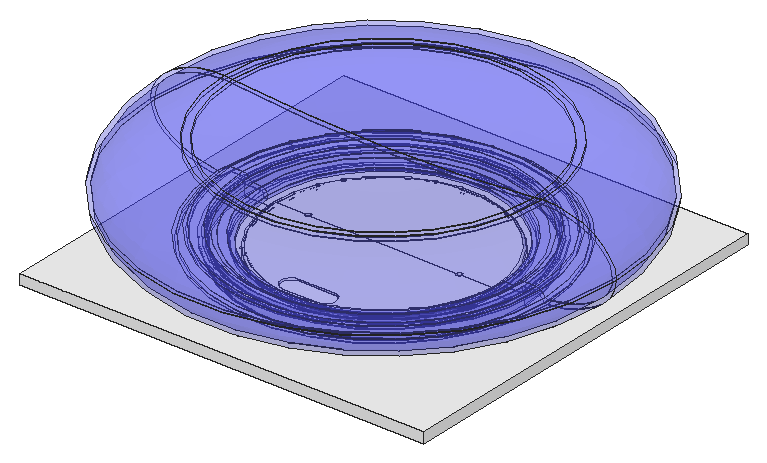
Revit family "BE_12161_de_DE", category Leuchten, Revit 2020
Family settings
  Basisbauteil = Fläche
  Bemaßung runder Anschluss = Durchmesser verwenden
  Teiletyp = Normal
  Beim Laden mit Abzugskörper schneiden = Ja
  Lichtquelle = Ja
  Gemeinsam genutzt = Nein
  Raumberechnungspunkt = Ja
Parameters (values of type "BEGA_12161_K3")
  built-in parameter 1150104 = 12.092 (stored number, unit not read)
  Wattage = 25.2 W
  Default Elevation = 0 mm
  built-in parameter 1150113 = 1 (stored number, unit not read)
  built-in parameter 1114218 = 1 (stored number, unit not read)
  Umgebungstemperatur = "25 °C"
  URL = "http://www.bega.de/de/produkt/12161"
  Typenkommentare = "© 2022 BEGA. Wir behalten uns das Recht vor, technische Änderungen ohne vorherige Ankündigung vorzunehmen."  # constant formula
  built-in parameter 1150134 = 12
  built-in parameter 1150109 = 1 (stored number, unit not read)
  Strom = ""
  built-in parameter 1150110 = 1 (stored number, unit not read)
  Spannung = 239.996 V
  Sonderanfertigung = no
  Seriennummer [instance] = "Hier können Sie die eindeutige Seriennummer für das Facility Management eintragen."
  Schutzklasse = "I"
  Schutzart = "IP 20"
  Scheinlast = 0 VA
  Produktdatenblatt = "http://www.bega.de/download/Xrfa/db/12161.db.de.pdf"
  Oberflächentemperatur = ""
  Neigungswinkel = 0.00°
  Model = "12161K4"
  Material_17 = BEGA_Reflektor
  Material_15 = BEGA_Leuchtmedium_matt
  Material_11 = BEGA_Glas_opal
  Material_09 = BEGA_Glas_klar
  Material_06 = BEGA_Oberfläche_Edelstahl_gebürstet
  Material_05 = BEGA_Oberfläche_Aluminium Guss
  Material_03 = BEGA_Oberfläche_Weiss_matt
  Material_02 = BEGA_Oberfläche_Silber_matt
  Material_01 [instance] = BEGA_Oberfläche_Grafit_matt
  M_W = no
  M_G = no
  M_A = no
  Logo = 0
  built-in parameter 1114217 = 1 (stored number, unit not read)
  built-in parameter 1150139 = (empty or 0)
  built-in parameter 1150105 = 872.22 (stored number, unit not read)
  built-in parameter 1150114 = 1 (stored number, unit not read)
  Lumens = 3280.03 lm
  built-in parameter 1150115 = 1 (stored number, unit not read)
  Leuchtenlichtstrom = "2285 lm"
  Leuchtenanzahl = ""
  Lebensdauerkriterien = "L70B50 @ 25 °C = 165000 h"
  Lastklassifizierung = Beleuchtung
  built-in parameter 1150112 = 1 (stored number, unit not read)
  Lampenlichtstrom = "3280 lm"
  Lamp = "LED 25.2 W"
  LED_Modulbezeichnung = "LED-0530/940"
  Hersteller = "BEGA"  # constant formula
  Halbstreuwinkel = ""
  Gewicht = "5.1 kg"
  Gebrauchslageneinschränkung [instance] = ""
  Frequenz = "0/50-60 Hz"
  Farbwiedergabeindex = "CRI > 90"
  Farbtemperaturverschiebung bei Dämpfen der Lampe = <Keine Auswahl>
  Farbtemperatur = "4000 K"
  Color Filter = 16777215
  built-in parameter 1150133 = 10 (stored number, unit not read)
  Energieeffizienzklasse = "LED A++ - A"
  built-in parameter 1150137 = (empty or 0)
  built-in parameter 1150132 = (empty or 0)
  ENEC = "ja"
  Dimmbar [instance] = "DALI"
  Photometric Web File = "BE_12161K4.IES"
  CE_Konformität = "ja"
  Bestellnummer = "12161K4"
  Beschreibung_Sonderanfertigung = "Hier können Sie Informationen zur Sonderanfertigung eintragen."
  Beschreibung = "Decken- und Wandleuchte"
  built-in parameter 1150106 = 8.7222 (stored number, unit not read)
  Befestigungsbohrung = "Ø 5,5 mm"
  Befestigungsabstand = "150 mm"
  Ballwurfsicher = ""
  BEGA_Intern_aus = yes
  BEGA_Intern_an = yes
  BEGA_Intern_Konstruktion = yes
  BEGA_Intern = yes
  BEGA_IES = yes
  BEGA_Dummy = no
  Anschlussleitung = ""
  Anschlussleistung [instance] = "29.4 W"
  Anschlusskasten = ""
  built-in parameter 1150107 = 4000 (stored number, unit not read)
  built-in parameter 1150102 = (empty or 0)
  built-in parameter 1150138 = (empty or 0)
  Aktualisierung = "2019-07-05T04:00:16"
  Abstand_zur_angestrahlten_Fläche [instance] = ""
  AC/DC = "AC/DC"
Reference planes
  plane 1 "Mitte (Vorne/Hinten)": y = 0
  plane 2: z = 0
  plane 3 "Mitte (Links/Rechts)": x = 0
  plane 4 "Links": x = -230.479
  plane 5 "Rechts": x = 230.479
  plane 6 "Unten": y = -230.5
  plane 7 "Oben": y = 230.5
  plane 8 "Vorne": z = 102.75
  plane 9 "Hinten": z = 0
Forms (mm)
  Extrusion 1, solid, material "BEGA_Platte_Weiss"
    sketch origin (0, -1119.2, 0) x (1, 0, 0) y (0, 1, 0)
      loop
        line (-200, 1319.2) -> (-200, 919.2) -> (200, 919.2) -> (200, 1319.2) -> (-200, 1319.2)
    from 0 to -10
  Extrusion 2, solid, material "BEGA_Dummy_matt", visible <- "BEGA_Dummy"
    sketch origin (77.149, -76.023, 0) x (1, 0, 0) y (0, 1, 0)
      loop
        circle (-77.149, 76.023) r 230
    from 0 to 102.75
Dimensions and locks
  plane 1 "Mitte (Vorne/Hinten)" to Extrusion 1 = 200 mm
  aligned and locked: plane 2 to Extrusion 1
  aligned and locked: level to Extrusion 1
Nested families
  nested 1: "BE_12161" at (0, 0, 0), type "BE_12161"
Connectors
  electrical at (0, 0, 0), driven by "Lastklassifizierung", driven by "Spannung", driven by "Scheinlast"
    settings: index 1, voltage 239.996 V, apparent load 0 VA, apparent load phase1 0 VA, apparent load phase2 0 VA, apparent load phase3 0 VA, power factor 1, load classification "Beleuchtung", number of poles 1, system type 31, power factor state 1, is connector primary yes, connector utility no, sub classification motor no, connector description ""
Definition of nested family "BE_12161"
  Parameters (values of type "BE_12161")
    Default Elevation = 1 mm
    URL = "http://www.bega.de/de/produkt"
    Type Comments = "© 2015 BEGA. Wir behalten uns das Recht vor, technische Änderungen ohne vorherige Ankündigung vorzunehmen. "  # constant formula
    Type Image = (empty or 0)
    Neigungswinkel_um_Z2 = 0.00°
    Neigungswinkel_um_Z1 = 0.00°
    Neigungswinkel_um_Y2 = 0.00°
    Neigungswinkel_um_Y1 = 0.00°
    Neigungswinkel_um_X2 = 0.00°
    Neigungswinkel_um_X1 = 0.00°
    Material_17 = none
    Material_15 = none
    Material_11 = none
    Material_09 = none
    Material_06 = none
    Material_05 = none
    Material_03 = none
    Material_02 = none
    Material_01 = none
    M_W = yes
    M_G = yes
    M_A = yes
    Länge_Platte = 600 mm  # constant formula
    Höhe_Platte = -10 mm  # constant formula
    Manufacturer = "BEGA"  # constant formula
    Drehwinkel_um_Z2 = 0.00°
    Drehwinkel_um_Z1 = 0.00°
    Breite_Platte = 600 mm  # constant formula
  Reference planes
    plane 1 "Mitte (Oben/Unten)": y = 0
    plane 2: z = 0
    plane 3 "Mitte (Links/Rechts)": x = 0
    plane 4: x = -230.479
    plane 5: z = 102.75
    plane 6: x = 230.479
    plane 7: y = -230.5
    plane 8: y = 230.5
  Forms (mm)
    Extrusion 1, solid, detail levels medium
      sketch origin (0, 0, 0) x (1, 0, 0) y (0, 1, 0)
        loop
          line (-300, 300) -> (-300, -300) -> (300, -300) -> (300, 300) -> (-300, 300)
      from 0 to -10 <- "Höhe_Platte"
    Revolve 2, solid, material <- "Material_03", detail levels medium+fine
      sketch origin (0, 0, 0) x (1, 0, 0) y (0, 0, 1)
        loop
          line (-144, 16.5) -> (-144, 15.25) -> (-140.811, 15.25)
          arc (-140.811, 15.25) -> (-140.291, 15.04) -> (-140.062, 14.526) r 0.75
          line (-140.062, 14.526) -> (-139.675, 3.432)
          arc (-139.675, 3.432) -> (-139.066, 2.062) -> (-137.676, 1.5) r 2
          line (-137.676, 1.5) -> (-110.724, 1.5)
          arc (-110.724, 1.5) -> (-109.334, 2.062) -> (-108.725, 3.433) r 2
          line (-108.725, 3.433) -> (-108.652, 5.533)
          arc (-108.652, 5.533) -> (-108.348, 6.219) -> (-107.653, 6.5) r 1
          line (-107.653, 6.5) -> (0, 6.5) -> (0, 7.75) -> (-107.894, 7.75)
          arc (-107.894, 7.75) -> (-109.283, 7.189) -> (-109.893, 5.82) r 2
          line (-109.893, 5.82) -> (-109.966, 3.715)
          arc (-109.966, 3.715) -> (-110.271, 3.031) -> (-110.966, 2.75) r 1
          line (-110.966, 2.75) -> (-137.434, 2.75)
          arc (-137.434, 2.75) -> (-138.129, 3.031) -> (-138.434, 3.715) r 1
          line (-138.434, 3.715) -> (-138.813, 14.57)
          arc (-138.813, 14.57) -> (-139.424, 15.939) -> (-140.814, 16.5) r 2
          line (-140.814, 16.5) -> (-144, 16.5)
        axis (0, 16.5) -> (0, 1.5)
      angle from 0 to 360
    Revolve 3, solid, material <- "Material_11", detail levels medium+fine
      sketch origin (0, 0, 0) x (1, 0, 0) y (0, 0, 1)
        loop
          spline (0, 94.75) -> (-12.57, 94.802) -> (-25.134, 94.958) -> (-37.684, 95.218) -> (-50.215, 95.582) -> (-62.718, 96.05) -> (-75.189, 96.621) -> (-87.619, 97.295) -> (-100.002, 98.072) -> (-112.333, 98.951) -> (-124.603, 99.932) -> (-136.807, 101.014) -> (-148.939, 102.198)
          arc (-148.939, 102.198) -> (-152.902, 102.527) -> (-156.875, 102.71) r 107.041
          spline (-156.875, 102.71) -> (-166.334, 102.553) -> (-175.678, 101.568) -> (-184.739, 99.775) -> (-193.355, 97.204) -> (-201.369, 93.903) -> (-208.637, 89.93) -> (-215.028, 85.358) -> (-220.427, 80.269) -> (-224.736, 74.755) -> (-227.878, 68.915) -> (-229.797, 62.854) -> (-230.456, 56.682)
          spline (-230.456, 56.682) -> (-229.918, 51.395) -> (-228.267, 46.178) -> (-225.525, 41.099) -> (-221.729, 36.226) -> (-216.928, 31.622) -> (-211.186, 27.348) -> (-204.578, 23.46) -> (-197.191, 20.01) -> (-189.124, 17.042) -> (-180.481, 14.597) -> (-171.377, 12.706) -> (-161.931, 11.395)
          arc (-161.931, 11.395) -> (-160.61, 11.551) -> (-159.487, 12.263) r 3
          line (-159.487, 12.263) -> (-152.879, 18.871)
          arc (-152.879, 18.871) -> (-151.905, 19.522) -> (-150.757, 19.75) r 3
          line (-150.757, 19.75) -> (-138.5, 19.75)
          arc (-138.5, 19.75) -> (-137.439, 19.311) -> (-137, 18.25) r 1.5
          line (-137, 18.25) -> (-137, 14.75)
          arc (-137, 14.75) -> (-136.561, 13.689) -> (-135.5, 13.25) r 1.5
          line (-135.5, 13.25) -> (-120.5, 13.25)
          arc (-120.5, 13.25) -> (-119.439, 12.811) -> (-119, 11.75) r 1.5
          line (-119, 11.75) -> (-119, 7.75) -> (-115, 7.75) -> (-115, 11.25)
          arc (-115, 11.25) -> (-116.757, 15.493) -> (-121, 17.25) r 6
          line (-121, 17.25) -> (-128.966, 17.25)
          arc (-128.966, 17.25) -> (-131.682, 18.054) -> (-133.525, 20.204) r 5
          arc (-133.525, 20.204) -> (-135.739, 22.786) -> (-139, 23.75) r 6
          line (-139, 23.75) -> (-151.589, 23.75)
          arc (-151.589, 23.75) -> (-153.501, 23.369) -> (-155.121, 22.285) r 5
          line (-155.121, 22.285) -> (-160.269, 17.137)
          arc (-160.269, 17.137) -> (-161.891, 16.054) -> (-163.804, 15.673) r 5
          spline (-163.804, 15.673) -> (-172.723, 17.032) -> (-181.295, 18.929) -> (-189.397, 21.334) -> (-196.915, 24.213) -> (-203.745, 27.511) -> (-209.787, 31.171) -> (-214.952, 35.13) -> (-219.192, 39.304) -> (-222.468, 43.606) -> (-224.755, 47.956) -> (-226.074, 52.319) -> (-226.456, 56.666)
          spline (-226.456, 56.666) -> (-225.883, 62.035) -> (-224.199, 67.357) -> (-221.392, 72.56) -> (-217.467, 77.564) -> (-212.484, 82.262) -> (-206.516, 86.539) -> (-199.649, 90.288) -> (-192.021, 93.429) -> (-183.781, 95.891) -> (-175.081, 97.61) -> (-166.091, 98.557) -> (-156.985, 98.712)
          arc (-156.985, 98.712) -> (-153.278, 98.543) -> (-149.579, 98.242) r 103.041
          spline (-149.579, 98.242) -> (-137.396, 97.052) -> (-125.139, 95.963) -> (-112.816, 94.976) -> (-100.433, 94.091) -> (-87.996, 93.31) -> (-75.512, 92.632) -> (-62.989, 92.057) -> (-50.431, 91.587) -> (-37.847, 91.221) -> (-25.242, 90.959) -> (-12.625, 90.802) -> (0, 90.75)
          line (0, 90.75) -> (0, 94.75)
        axis (0, 102.71) -> (0, 7.75)
      angle from 0 to 360
    Revolve 4, solid, material <- "Material_03", detail levels medium+fine
      sketch origin (0, 0, 0) x (1, 0, 0) y (0, 0, 1)
        loop
          arc (-126.97, 2.123) -> (-123.644, 0.543) -> (-120, 0) r 12.498
          line (-120, 0) -> (-120, 2.123) -> (-126.97, 2.123)
        axis (-120, 0) -> (-120, 2.123)
      angle from 0 to 360
    Extrusion 5, void
      sketch origin (0, 0, 0) x (1, 0, 0) y (0, 1, 0)
        loop
          circle (-75, 0) r 2.75
        loop
          line (17, -83) -> (-17, -83)
          arc (-17, -83) -> (-27, -93) -> (-17, -103) r 10
          line (-17, -103) -> (17, -103)
          arc (17, -103) -> (27, -93) -> (17, -83) r 10
        loop
          circle (75, 0) r 2.75
      from 0 to 10
    Revolve 6, solid, material <- "Material_03", detail levels medium+fine
      sketch origin (0, 0, 0) x (0, -1, 0) y (0, 0, 1)
        loop
          arc (-126.97, 2.123) -> (-123.644, 0.543) -> (-120, 0) r 12.498
          line (-120, 0) -> (-120, 2.123) -> (-126.97, 2.123)
        axis (-120, 0) -> (-120, 2.123)
      angle from 0 to 360
    Revolve 7, solid, material <- "Material_03", detail levels medium+fine
      sketch origin (0, 0, 0) x (0, 1, 0) y (0, 0, 1)
        loop
          arc (-126.97, 2.123) -> (-123.644, 0.543) -> (-120, 0) r 12.498
          line (-120, 0) -> (-120, 2.123) -> (-126.97, 2.123)
        axis (-120, 0) -> (-120, 2.123)
      angle from 0 to 360
    Revolve 8, solid, material <- "Material_03", detail levels medium+fine
      sketch origin (0, 0, 0) x (-1, 0, 0) y (0, 0, 1)
        loop
          arc (-126.97, 2.123) -> (-123.644, 0.543) -> (-120, 0) r 12.498
          line (-120, 0) -> (-120, 2.123) -> (-126.97, 2.123)
        axis (-120, 0) -> (-120, 2.123)
      angle from 0 to 360
  Cuts and joins
    Extrusion 5 cuts Revolve 2
    Extrusion 5 cuts Revolve 4
    joined: Revolve 2, Revolve 4, Revolve 6, Revolve 7, Revolve 8
  Dimensions and locks
    equal spacing: Extrusion 1 sketch curve, plane 3 "Mitte (Links/Rechts)", Extrusion 1 sketch curve
    equal spacing: Extrusion 1 sketch curve, plane 1 "Mitte (Oben/Unten)", Extrusion 1 sketch curve
    "Länge_Platte": Extrusion 1 sketch curve to Extrusion 1 sketch curve
    "Breite_Platte": Extrusion 1 sketch curve to Extrusion 1 sketch curve
    aligned and locked: Extrusion 1 to plane 2
    aligned and locked: level to Extrusion 1
  Automatic sketch dimensions
    Revolve 4 sketch curve to Revolve 4 sketch curve = 6.969 mm
    Revolve 4 sketch curve to Revolve 4 sketch curve = 6.97 mm
    Revolve 4 sketch curve to Revolve 4 sketch curve = 2.123 mm
    Revolve 4 sketch curve to Revolve 4 sketch curve = 0 mm
    Revolve 4 sketch curve to Revolve 4 sketch curve = 0.59 mm
    Revolve 4 sketch curve to Revolve 4 sketch curve = 1.377 mm
    Revolve 2 sketch curve to plane 3 "Mitte (Links/Rechts)" = 0 mm  (x2)
    level to Revolve 2 sketch curve = 5.5 mm
    level to Revolve 2 sketch curve = 5.533 mm
    Revolve 2 sketch curve to Revolve 2 sketch curve = 0.758 mm  (x3)
    level to Revolve 2 sketch curve = 3.433 mm
    Revolve 2 sketch curve to Revolve 2 sketch curve = 0.073 mm
    level to Revolve 2 sketch curve = 3.715 mm  (x2)
    Revolve 2 sketch curve to Revolve 2 sketch curve = 1.241 mm  (x3)
    Revolve 2 sketch curve to Revolve 2 sketch curve = 0.241 mm  (x5)
    level to Revolve 2 sketch curve = 3.75 mm
    Revolve 2 sketch curve to Revolve 2 sketch curve = 26.469 mm
    level to Revolve 2 sketch curve = 3.432 mm
    level to Revolve 2 sketch curve = 14.526 mm
    Revolve 2 sketch curve to Revolve 2 sketch curve = 1.628 mm
    Revolve 2 sketch curve to Revolve 2 sketch curve = 0.749 mm
    Revolve 2 sketch curve to Revolve 2 sketch curve = 0.002 mm  (x2)
    Revolve 2 sketch curve to Revolve 2 sketch curve = 3.186 mm
    Revolve 2 sketch curve to Revolve 2 sketch curve = 0.25 mm  (x4)
    Revolve 2 sketch curve to Revolve 2 sketch curve = 1.25 mm  (x2)
    Revolve 2 sketch curve to Revolve 2 sketch curve = 0.026 mm
    Revolve 2 sketch curve to Revolve 2 sketch curve = 0.001 mm
    level to Revolve 2 sketch curve = 5.82 mm
    Revolve 2 sketch curve to Revolve 2 sketch curve = 0 mm  (x6)
    level to Revolve 2 sketch curve = 14.57 mm
    Revolve 2 sketch curve to Revolve 2 sketch curve = 1.249 mm
    Revolve 6 sketch curve to Revolve 6 sketch curve = 6.969 mm
    Revolve 6 sketch curve to Revolve 6 sketch curve = 6.97 mm
    Revolve 6 sketch curve to Revolve 6 sketch curve = 2.123 mm
    Revolve 6 sketch curve to Revolve 6 sketch curve = 0 mm
    Revolve 6 sketch curve to Revolve 6 sketch curve = 0.59 mm
    Revolve 6 sketch curve to Revolve 6 sketch curve = 1.377 mm
    Revolve 7 sketch curve to Revolve 7 sketch curve = 6.969 mm
    Revolve 7 sketch curve to Revolve 7 sketch curve = 6.97 mm
    Revolve 7 sketch curve to Revolve 7 sketch curve = 2.123 mm
    Revolve 7 sketch curve to Revolve 7 sketch curve = 0 mm
    Revolve 7 sketch curve to Revolve 7 sketch curve = 0.59 mm
    Revolve 7 sketch curve to Revolve 7 sketch curve = 1.377 mm
    Revolve 8 sketch curve to Revolve 8 sketch curve = 6.969 mm
    Revolve 8 sketch curve to Revolve 8 sketch curve = 6.97 mm
    Revolve 8 sketch curve to Revolve 8 sketch curve = 2.123 mm
    Revolve 8 sketch curve to Revolve 8 sketch curve = 0 mm
    Revolve 8 sketch curve to Revolve 8 sketch curve = 0.59 mm
    Revolve 8 sketch curve to Revolve 8 sketch curve = 1.377 mm
    Revolve 4 sketch curve to level = 0 mm
    Revolve 6 sketch curve to level = 0 mm
    Revolve 7 sketch curve to level = 0 mm
    Revolve 8 sketch curve to level = 0 mm
    plane 1 "Mitte (Oben/Unten)" to Extrusion 5 sketch curve = 0 mm  (x2)
    Extrusion 5 sketch curve to plane 3 "Mitte (Links/Rechts)" = 75 mm
    Extrusion 5 sketch curve to plane 3 "Mitte (Links/Rechts)" = 17 mm
    plane 3 "Mitte (Links/Rechts)" to Extrusion 5 sketch curve = 17 mm
    plane 3 "Mitte (Links/Rechts)" to Extrusion 5 sketch curve = 75 mm
    plane 1 "Mitte (Oben/Unten)" to Extrusion 5 sketch curve = 83 mm
    Extrusion 5 sketch curve to Extrusion 5 sketch curve = 10 mm
    level to Revolve 3 sketch curve = 15.673 mm
    Revolve 3 sketch curve to Revolve 3 sketch curve = 0.001 mm
    Revolve 3 sketch curve to Revolve 3 sketch curve = 2.189 mm
    Revolve 3 sketch curve to level = 4.291 mm
    Revolve 3 sketch curve to Revolve 3 sketch curve = 1.815 mm
    Revolve 3 sketch curve to Revolve 3 sketch curve = 0 mm  (x27)
    level to Revolve 3 sketch curve = 12.263 mm
    Revolve 3 sketch curve to Revolve 3 sketch curve = 2.128 mm
    Revolve 3 sketch curve to Revolve 3 sketch curve = 8.684 mm
    Revolve 3 sketch curve to Revolve 3 sketch curve = 3.532 mm
    Revolve 3 sketch curve to Revolve 3 sketch curve = 3.536 mm  (x2)
    Revolve 3 sketch curve to Revolve 3 sketch curve = 0.828 mm
    Revolve 3 sketch curve to Revolve 3 sketch curve = 11.757 mm
    Revolve 3 sketch curve to Revolve 3 sketch curve = 0.5 mm  (x5)
    Revolve 3 sketch curve to Revolve 3 sketch curve = 3 mm  (x2)
    Revolve 3 sketch curve to Revolve 3 sketch curve = 6.534 mm
    Revolve 3 sketch curve to Revolve 3 sketch curve = 0.003 mm
    Revolve 3 sketch curve to Revolve 3 sketch curve = 7.966 mm
    Revolve 3 sketch curve to Revolve 3 sketch curve = 2 mm  (x2)
    Revolve 3 sketch curve to Revolve 3 sketch curve = 4 mm  (x3)
    plane 3 "Mitte (Links/Rechts)" to Revolve 3 sketch curve = 0 mm
    level to Revolve 3 sketch curve = 7.75 mm
    Revolve 3 sketch curve to Revolve 3 sketch curve = 3.5 mm  (x2)
    Revolve 3 sketch curve to Revolve 3 sketch curve = 1.295 mm
    level to Revolve 3 sketch curve = 14.75 mm
    Revolve 3 sketch curve to Revolve 3 sketch curve = 4.487 mm
    Revolve 3 sketch curve to Revolve 3 sketch curve = 2.5 mm
    Revolve 3 sketch curve to Revolve 3 sketch curve = 1 mm
    Revolve 3 sketch curve to Revolve 3 sketch curve = 5 mm  (x2)
    level to Revolve 3 sketch curve = 90.75 mm
    Revolve 3 sketch curve to Revolve 3 sketch curve = 2.129 mm
    Revolve 3 sketch curve to Revolve 3 sketch curve = 2.444 mm
    Revolve 3 sketch curve to Revolve 3 sketch curve = 1.345 mm
    level to Revolve 3 sketch curve = 17.137 mm
    Revolve 3 sketch curve to Revolve 3 sketch curve = 8.411 mm
    Revolve 3 sketch curve to Revolve 3 sketch curve = 0.109 mm
    level to Revolve 3 sketch curve = 18.871 mm
    Revolve 3 sketch curve to Revolve 3 sketch curve = 1.293 mm
    Revolve 3 sketch curve to Revolve 3 sketch curve = 0.64 mm
    Revolve 3 sketch curve to Revolve 3 sketch curve = 14.543 mm
    Revolve 3 sketch curve to Revolve 3 sketch curve = 1.5 mm  (x2)
    Revolve 3 sketch curve to Revolve 3 sketch curve = 3.475 mm
    plane 3 "Mitte (Links/Rechts)" to Revolve 3 sketch curve = 0.023 mm
    plane 3 "Mitte (Links/Rechts)" to Revolve 3 sketch curve = 0.034 mm
    Revolve 3 sketch curve to Revolve 3 sketch curve = 0.193 mm
    Revolve 3 sketch curve to Revolve 3 sketch curve = 0.068 mm
    Revolve 3 sketch curve to Revolve 3 sketch curve = 3.306 mm
    Revolve 2 sketch curve to plane 3 "Mitte (Links/Rechts)" = 107.653 mm
    Revolve 3 sketch curve to plane 3 "Mitte (Links/Rechts)" = 115 mm
    Revolve 3 sketch curve to Revolve 3 sketch curve = 3.015 mm
    level to Revolve 3 sketch curve = 56.666 mm
    Revolve 3 sketch curve to Revolve 3 sketch curve = 66.456 mm
    Revolve 3 sketch curve to Revolve 3 sketch curve = 3.998 mm
    Revolve 3 sketch curve to Revolve 3 sketch curve = 7.937 mm
    level to Revolve 3 sketch curve = 290.397 mm
    Revolve 4 sketch curve to plane 3 "Mitte (Links/Rechts)" = 126.97 mm
    plane 3 "Mitte (Links/Rechts)" to Revolve 8 sketch curve = 126.97 mm
    plane 1 "Mitte (Oben/Unten)" to Revolve 7 sketch curve = 126.97 mm
    Revolve 6 sketch curve to plane 1 "Mitte (Oben/Unten)" = 126.97 mm
    radius of Extrusion 5 sketch curve = 2.75 mm  (x2)
